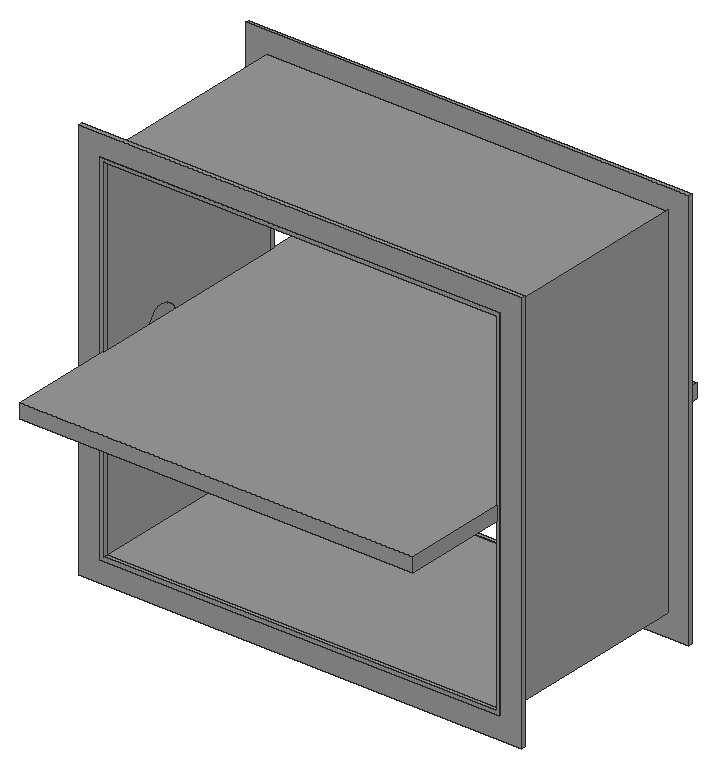
Revit family "Канальный прямоугольный SVK1-НЗ-ЕI90-MC-C-MSR220-0-Kb 24.02.26", category Арматура воздуховодов, Revit 2022
Family settings
  Размер круглого соединителя = Использовать диаметр
  Тип детали = Вставляется
  На основе рабочей плоскости = Нет
  Всегда вертикально = Нет
  При загрузке вырезать с полостями = Нет
  Общий = Да
Parameters (values of type "SVK1-НЗ-EI90-C-550x500-GO-H-MSR220-0-Kb")
  Ширина = 555 mm
  Число створок = 1
  Толщина заслонки = 20 mm  # constant formula
  Расчетная скорость = ADSK_Расход воздуха / Расчетная площадь  # 2.97297 m/s
  Расчетная площадь = Высота * Ширина  # 0.2775 m²
  Привод внутри/снаружи [instance] = yes
  Привод 1 = Красный типовой
  Плотность воздуха = 1.2000 kg/m³  # constant formula
  Отметка по умолчанию = 0 mm
  Ось движка = 102.5 mm  # constant formula
  Материал = Сталь AISI 5210 517, горячекатаная
  КМС = 0  # 0.000
  З/2 = Высота / 2 / Число створок  # 250 mm
  Длина = 300 mm
  Высота привода = 123 mm  # constant formula
  Высота = 500 mm
  Вылет заслонки [instance] = yes
  Вылет Х = 103 mm  # constant formula
  Hed = Ширина + 123 mm  # 678 mm
  ADSK_Ток = 0.030 A  # constant formula
  ADSK_Расход воздуха = 2970.0 m³/h
  ADSK_Примечание [instance] = ""
  ADSK_Предел огнестойкости = "90"  # constant formula
  ADSK_Потеря давления воздуха = КМС * ((Расчетная скорость * Расчетная скорость * Плотность воздуха) / 2)  # 0.0 Pa
  ADSK_Полная мощность = ADSK_Напряжение * ADSK_Ток  # 6.6 VA
  ADSK_Позиция на схеме [instance] = ""
  ADSK_Позиция [instance] = ""
  ADSK_Обозначение = ""
  ADSK_Номинальная мощность = 5 W  # constant formula
  ADSK_Номер стояка [instance] = ""
  ADSK_Напряжение = 220 V  # constant formula
  ADSK_Наименование краткое = ""
  ADSK_Наименование = ""
  ADSK_Материал обозначение = "Противопожарный нормально закрытый канальный клапан прямоугольного сечения"  # constant formula
  ADSK_Материал наименование = ""
  ADSK_Масса_Текст = "1"
  ADSK_Масса = 0
  ADSK_Марка = "SVK1-НЗ-ЕI90-C"  # constant formula
  ADSK_Коэффициент мощности = 1
  ADSK_Количество фаз числовое = 1  # constant formula
  ADSK_Количество фаз = 1  # constant formula
  ADSK_Количество = 1  # constant formula
  ADSK_Код изделия = "SVK1-НЗ-ЕI90-C"  # constant formula
  ADSK_Классификация нагрузок = none
  ADSK_Завод-изготовитель = "WAER"  # constant formula
  ADSK_Единица измерения = "шт."  # constant formula
  ADSK_URL страницы изделия = ""
  ADSK_URL документации изделия = ""
Types (208, lengths in mm): name | Ширина | Число створок | Расчетная скорость | Расчетная площадь | З/2 | Высота | Hed | ADSK_Расход воздуха
  SVK1-НЗ-EI90-C-100x100-GO-H-MSR220-0-Kb | 555 | 1 | 2.97297 m/s | 0.2775 m² | 250 | 500 | 678 | 2970.0 m³/h
  SVK1-НЗ-EI90-C-150x100-GO-H-MSR220-0-Kb | 150 | 1 | 3.0 m/s | 0.015 m² | 50 | 100 | 273 | 162.0 m³/h
  SVK1-НЗ-EI90-C-150x150-GO-H-MSR220-0-Kb | 150 | 1 | 3.0 m/s | 0.0225 m² | 75 | 150 | 273 | 243.0 m³/h
  SVK1-НЗ-EI90-C-200x100-GO-H-MSR220-0-Kb | 200 | 1 | 3.0 m/s | 0.020 m² | 50 | 100 | 323 | 216.0 m³/h
  SVK1-НЗ-EI90-C-200x150-GO-H-MSR220-0-Kb | 200 | 1 | 3.0 m/s | 0.030 m² | 75 | 150 | 323 | 324.0 m³/h
  SVK1-НЗ-EI90-C-200x200-GO-H-MSR220-0-Kb | 200 | 1 | 3.0 m/s | 0.040 m² | 100 | 200 | 323 | 432.0 m³/h
  SVK1-НЗ-EI90-C-250x100-GO-H-MSR220-0-Kb | 250 | 1 | 3.0 m/s | 0.025 m² | 50 | 100 | 373 | 270.0 m³/h
  SVK1-НЗ-EI90-C-250x150-GO-H-MSR220-0-Kb | 250 | 1 | 3.0 m/s | 0.0375 m² | 75 | 150 | 373 | 405.0 m³/h
  SVK1-НЗ-EI90-C-250x200-GO-H-MSR220-0-Kb | 250 | 1 | 3.0 m/s | 0.050 m² | 100 | 200 | 373 | 540.0 m³/h
  SVK1-НЗ-EI90-C-250x250-GO-H-MSR220-0-Kb | 250 | 1 | 3.0 m/s | 0.0625 m² | 125 | 250 | 373 | 675.0 m³/h
  SVK1-НЗ-EI90-C-300x100-GO-H-MSR220-0-Kb | 300 | 1 | 3.0 m/s | 0.030 m² | 50 | 100 | 423 | 324.0 m³/h
  SVK1-НЗ-EI90-C-300x150-GO-H-MSR220-0-Kb | 300 | 1 | 3.0 m/s | 0.045 m² | 75 | 150 | 423 | 486.0 m³/h
  SVK1-НЗ-EI90-C-300x200-GO-H-MSR220-0-Kb | 300 | 1 | 3.0 m/s | 0.060 m² | 100 | 200 | 423 | 648.0 m³/h
  SVK1-НЗ-EI90-C-300x250-GO-H-MSR220-0-Kb | 300 | 1 | 3.0 m/s | 0.075 m² | 125 | 250 | 423 | 810.0 m³/h
  SVK1-НЗ-EI90-C-300x300-GO-H-MSR220-0-Kb | 300 | 1 | 3.0 m/s | 0.090 m² | 150 | 300 | 423 | 972.0 m³/h
  SVK1-НЗ-EI90-C-350x150-GO-H-MSR220-0-Kb | 350 | 1 | 3.0 m/s | 0.0525 m² | 75 | 150 | 473 | 567.0 m³/h
  SVK1-НЗ-EI90-C-350x200-GO-H-MSR220-0-Kb | 350 | 1 | 3.0 m/s | 0.070 m² | 100 | 200 | 473 | 756.0 m³/h
  SVK1-НЗ-EI90-C-350x250-GO-H-MSR220-0-Kb | 350 | 1 | 3.0 m/s | 0.0875 m² | 125 | 250 | 473 | 945.0 m³/h
  SVK1-НЗ-EI90-C-350x300-GO-H-MSR220-0-Kb | 350 | 1 | 3.0 m/s | 0.105 m² | 150 | 300 | 473 | 1134.0 m³/h
  SVK1-НЗ-EI90-C-350x350-GO-H-MSR220-0-Kb | 350 | 1 | 3.0 m/s | 0.1225 m² | 175 | 350 | 473 | 1323.0 m³/h
  SVK1-НЗ-EI90-C-400x150-GO-H-MSR220-0-Kb | 400 | 1 | 3.0 m/s | 0.060 m² | 75 | 150 | 523 | 648.0 m³/h
  SVK1-НЗ-EI90-C-400x200-GO-H-MSR220-0-Kb | 400 | 1 | 3.0 m/s | 0.080 m² | 100 | 200 | 523 | 864.0 m³/h
  SVK1-НЗ-EI90-C-400x250-GO-H-MSR220-0-Kb | 400 | 1 | 3.0 m/s | 0.100 m² | 125 | 250 | 523 | 1080.0 m³/h
  SVK1-НЗ-EI90-C-400x300-GO-H-MSR220-0-Kb | 400 | 1 | 3.0 m/s | 0.120 m² | 150 | 300 | 523 | 1296.0 m³/h
  SVK1-НЗ-EI90-C-400x350-GO-H-MSR220-0-Kb | 400 | 1 | 3.0 m/s | 0.140 m² | 175 | 350 | 523 | 1512.0 m³/h
  SVK1-НЗ-EI90-C-400x400-GO-H-MSR220-0-Kb | 400 | 1 | 3.0 m/s | 0.160 m² | 200 | 400 | 523 | 1728.0 m³/h
  SVK1-НЗ-EI90-C-450x150-GO-H-MSR220-0-Kb | 450 | 1 | 3.0 m/s | 0.0675 m² | 75 | 150 | 573 | 729.0 m³/h
  SVK1-НЗ-EI90-C-450x200-GO-H-MSR220-0-Kb | 450 | 1 | 3.0 m/s | 0.090 m² | 100 | 200 | 573 | 972.0 m³/h
  SVK1-НЗ-EI90-C-450x250-GO-H-MSR220-0-Kb | 450 | 1 | 3.0 m/s | 0.1125 m² | 125 | 250 | 573 | 1215.0 m³/h
  SVK1-НЗ-EI90-C-450x300-GO-H-MSR220-0-Kb | 450 | 1 | 3.0 m/s | 0.135 m² | 150 | 300 | 573 | 1458.0 m³/h
  SVK1-НЗ-EI90-C-450x350-GO-H-MSR220-0-Kb | 450 | 1 | 3.0 m/s | 0.1575 m² | 175 | 350 | 573 | 1701.0 m³/h
  SVK1-НЗ-EI90-C-450x400-GO-H-MSR220-0-Kb | 450 | 1 | 3.0 m/s | 0.180 m² | 200 | 400 | 573 | 1944.0 m³/h
  SVK1-НЗ-EI90-C-450x450-GO-H-MSR220-0-Kb | 450 | 1 | 3.0 m/s | 0.2025 m² | 225 | 450 | 573 | 2187.0 m³/h
  SVK1-НЗ-EI90-C-500x150-GO-H-MSR220-0-Kb | 500 | 1 | 3.0 m/s | 0.075 m² | 75 | 150 | 623 | 810.0 m³/h
  SVK1-НЗ-EI90-C-500x200-GO-H-MSR220-0-Kb | 500 | 1 | 3.0 m/s | 0.100 m² | 100 | 200 | 623 | 1080.0 m³/h
  SVK1-НЗ-EI90-C-500x250-GO-H-MSR220-0-Kb | 500 | 1 | 3.0 m/s | 0.125 m² | 125 | 250 | 623 | 1350.0 m³/h
  SVK1-НЗ-EI90-C-500x300-GO-H-MSR220-0-Kb | 500 | 1 | 3.0 m/s | 0.150 m² | 150 | 300 | 623 | 1620.0 m³/h
  SVK1-НЗ-EI90-C-500x350-GO-H-MSR220-0-Kb | 500 | 1 | 3.0 m/s | 0.175 m² | 175 | 350 | 623 | 1890.0 m³/h
  SVK1-НЗ-EI90-C-500x400-GO-H-MSR220-0-Kb | 500 | 1 | 3.0 m/s | 0.200 m² | 200 | 400 | 623 | 2160.0 m³/h
  SVK1-НЗ-EI90-C-500x450-GO-H-MSR220-0-Kb | 500 | 1 | 3.0 m/s | 0.225 m² | 225 | 450 | 623 | 2430.0 m³/h
  SVK1-НЗ-EI90-C-500x500-GO-H-MSR220-0-Kb | 500 | 1 | 3.0 m/s | 0.250 m² | 250 | 500 | 623 | 2700.0 m³/h
  SVK1-НЗ-EI90-C-550x200-GO-H-MSR220-0-Kb | 550 | 1 | 3.0 m/s | 0.110 m² | 100 | 200 | 673 | 1188.0 m³/h
  SVK1-НЗ-EI90-C-550x250-GO-H-MSR220-0-Kb | 550 | 1 | 3.0 m/s | 0.1375 m² | 125 | 250 | 673 | 1485.0 m³/h
  SVK1-НЗ-EI90-C-550x300-GO-H-MSR220-0-Kb | 550 | 1 | 3.0 m/s | 0.165 m² | 150 | 300 | 673 | 1782.0 m³/h
  SVK1-НЗ-EI90-C-550x350-GO-H-MSR220-0-Kb | 550 | 1 | 3.0 m/s | 0.1925 m² | 175 | 350 | 673 | 2079.0 m³/h
  SVK1-НЗ-EI90-C-550x400-GO-H-MSR220-0-Kb | 550 | 1 | 3.0 m/s | 0.220 m² | 200 | 400 | 673 | 2376.0 m³/h
  SVK1-НЗ-EI90-C-550x450-GO-H-MSR220-0-Kb | 550 | 1 | 3.0 m/s | 0.2475 m² | 225 | 450 | 673 | 2673.0 m³/h
  SVK1-НЗ-EI90-C-550x500-GO-H-MSR220-0-Kb | 555 | 1 | 2.97297 m/s | 0.2775 m² | 250 | 500 | 678 | 2970.0 m³/h
  SVK1-НЗ-EI90-C-550x550-GO-H-MSR220-0-Kb | 550 | 1 | 3.0 m/s | 0.3025 m² | 275 | 550 | 673 | 3267.0 m³/h
  SVK1-НЗ-EI90-C-600x200-GO-H-MSR220-0-Kb | 600 | 1 | 3.0 m/s | 0.120 m² | 100 | 200 | 723 | 1296.0 m³/h
  SVK1-НЗ-EI90-C-600x250-GO-H-MSR220-0-Kb | 600 | 1 | 3.0 m/s | 0.150 m² | 125 | 250 | 723 | 1620.0 m³/h
  SVK1-НЗ-EI90-C-600x300-GO-H-MSR220-0-Kb | 600 | 1 | 3.0 m/s | 0.180 m² | 150 | 300 | 723 | 1944.0 m³/h
  SVK1-НЗ-EI90-C-600x350-GO-H-MSR220-0-Kb | 600 | 1 | 3.0 m/s | 0.210 m² | 175 | 350 | 723 | 2268.0 m³/h
  SVK1-НЗ-EI90-C-600x400-GO-H-MSR220-0-Kb | 600 | 1 | 3.0 m/s | 0.240 m² | 200 | 400 | 723 | 2592.0 m³/h
  SVK1-НЗ-EI90-C-600x450-GO-H-MSR220-0-Kb | 600 | 1 | 3.0 m/s | 0.270 m² | 225 | 450 | 723 | 2916.0 m³/h
  SVK1-НЗ-EI90-C-600x500-GO-H-MSR220-0-Kb | 600 | 1 | 3.0 m/s | 0.300 m² | 250 | 500 | 723 | 3240.0 m³/h
  SVK1-НЗ-EI90-C-600x550-GO-H-MSR220-0-Kb | 600 | 1 | 3.0 m/s | 0.330 m² | 275 | 550 | 723 | 3564.0 m³/h
  SVK1-НЗ-EI90-C-600x600-GO-H-MSR220-0-Kb | 600 | 1 | 3.0 m/s | 0.360 m² | 300 | 600 | 723 | 3888.0 m³/h
  SVK1-НЗ-EI90-C-650x250-GO-H-MSR220-0-Kb | 650 | 1 | 3.0 m/s | 0.1625 m² | 125 | 250 | 773 | 1755.0 m³/h
  SVK1-НЗ-EI90-C-650x300-GO-H-MSR220-0-Kb | 650 | 1 | 3.0 m/s | 0.195 m² | 150 | 300 | 773 | 2106.0 m³/h
  SVK1-НЗ-EI90-C-650x350-GO-H-MSR220-0-Kb | 650 | 1 | 3.0 m/s | 0.2275 m² | 175 | 350 | 773 | 2457.0 m³/h
  SVK1-НЗ-EI90-C-650x400-GO-H-MSR220-0-Kb | 650 | 1 | 3.0 m/s | 0.260 m² | 200 | 400 | 773 | 2808.0 m³/h
  SVK1-НЗ-EI90-C-650x450-GO-H-MSR220-0-Kb | 650 | 1 | 3.0 m/s | 0.2925 m² | 225 | 450 | 773 | 3159.0 m³/h
  SVK1-НЗ-EI90-C-650x500-GO-H-MSR220-0-Kb | 650 | 1 | 3.0 m/s | 0.325 m² | 250 | 500 | 773 | 3510.0 m³/h
  SVK1-НЗ-EI90-C-650x550-GO-H-MSR220-0-Kb | 650 | 1 | 3.0 m/s | 0.3575 m² | 275 | 550 | 773 | 3861.0 m³/h
  SVK1-НЗ-EI90-C-650x600-GO-H-MSR220-0-Kb | 650 | 1 | 3.0 m/s | 0.390 m² | 300 | 600 | 773 | 4212.0 m³/h
  SVK1-НЗ-EI90-C-650x650-GO-H-MSR220-0-Kb | 650 | 1 | 3.0 m/s | 0.4225 m² | 325 | 650 | 773 | 4563.0 m³/h
  SVK1-НЗ-EI90-C-700x250-GO-H-MSR220-0-Kb | 700 | 1 | 3.0 m/s | 0.175 m² | 125 | 250 | 823 | 1890.0 m³/h
  SVK1-НЗ-EI90-C-700x300-GO-H-MSR220-0-Kb | 700 | 1 | 3.0 m/s | 0.210 m² | 150 | 300 | 823 | 2268.0 m³/h
  SVK1-НЗ-EI90-C-700x350-GO-H-MSR220-0-Kb | 700 | 1 | 3.0 m/s | 0.245 m² | 175 | 350 | 823 | 2646.0 m³/h
  SVK1-НЗ-EI90-C-700x400-GO-H-MSR220-0-Kb | 700 | 1 | 3.0 m/s | 0.280 m² | 200 | 400 | 823 | 3024.0 m³/h
  SVK1-НЗ-EI90-C-700x450-GO-H-MSR220-0-Kb | 700 | 1 | 3.0 m/s | 0.315 m² | 225 | 450 | 823 | 3402.0 m³/h
  SVK1-НЗ-EI90-C-700x500-GO-H-MSR220-0-Kb | 700 | 1 | 3.0 m/s | 0.350 m² | 250 | 500 | 823 | 3780.0 m³/h
  SVK1-НЗ-EI90-C-700x550-GO-H-MSR220-0-Kb | 700 | 1 | 3.0 m/s | 0.385 m² | 275 | 550 | 823 | 4158.0 m³/h
  SVK1-НЗ-EI90-C-700x600-GO-H-MSR220-0-Kb | 700 | 1 | 3.0 m/s | 0.420 m² | 300 | 600 | 823 | 4536.0 m³/h
  SVK1-НЗ-EI90-C-700x650-GO-H-MSR220-0-Kb | 700 | 1 | 3.0 m/s | 0.455 m² | 325 | 650 | 823 | 4914.0 m³/h
  SVK1-НЗ-EI90-C-700x700-GO-H-MSR220-0-Kb | 700 | 1 | 3.0 m/s | 0.490 m² | 350 | 700 | 823 | 5292.0 m³/h
  SVK1-НЗ-EI90-C-750x250-GO-H-MSR220-0-Kb | 750 | 1 | 3.0 m/s | 0.1875 m² | 125 | 250 | 873 | 2025.0 m³/h
  SVK1-НЗ-EI90-C-750x300-GO-H-MSR220-0-Kb | 750 | 1 | 3.0 m/s | 0.225 m² | 150 | 300 | 873 | 2430.0 m³/h
  SVK1-НЗ-EI90-C-750x350-GO-H-MSR220-0-Kb | 750 | 1 | 3.0 m/s | 0.2625 m² | 175 | 350 | 873 | 2835.0 m³/h
  SVK1-НЗ-EI90-C-750x400-GO-H-MSR220-0-Kb | 750 | 1 | 3.0 m/s | 0.300 m² | 200 | 400 | 873 | 3240.0 m³/h
  SVK1-НЗ-EI90-C-750x450-GO-H-MSR220-0-Kb | 750 | 1 | 3.0 m/s | 0.3375 m² | 225 | 450 | 873 | 3645.0 m³/h
  SVK1-НЗ-EI90-C-750x500-GO-H-MSR220-0-Kb | 750 | 1 | 3.0 m/s | 0.375 m² | 250 | 500 | 873 | 4050.0 m³/h
  SVK1-НЗ-EI90-C-750x550-GO-H-MSR220-0-Kb | 750 | 1 | 3.0 m/s | 0.4125 m² | 275 | 550 | 873 | 4455.0 m³/h
  SVK1-НЗ-EI90-C-750x600-GO-H-MSR220-0-Kb | 750 | 1 | 3.0 m/s | 0.450 m² | 300 | 600 | 873 | 4860.0 m³/h
  SVK1-НЗ-EI90-C-750x650-GO-H-MSR220-0-Kb | 750 | 1 | 3.0 m/s | 0.4875 m² | 325 | 650 | 873 | 5265.0 m³/h
  SVK1-НЗ-EI90-C-750x700-GO-H-MSR220-0-Kb | 750 | 1 | 3.0 m/s | 0.525 m² | 350 | 700 | 873 | 5670.0 m³/h
  SVK1-НЗ-EI90-C-750x750-GO-H-MSR220-0-Kb | 750 | 1 | 3.0 m/s | 0.5625 m² | 375 | 750 | 873 | 6075.0 m³/h
  SVK1-НЗ-EI90-C-800x250-GO-H-MSR220-0-Kb | 800 | 1 | 3.0 m/s | 0.200 m² | 125 | 250 | 923 | 2160.0 m³/h
  SVK1-НЗ-EI90-C-800x300-GO-H-MSR220-0-Kb | 800 | 1 | 3.0 m/s | 0.240 m² | 150 | 300 | 923 | 2592.0 m³/h
  SVK1-НЗ-EI90-C-800x350-GO-H-MSR220-0-Kb | 800 | 1 | 3.0 m/s | 0.280 m² | 175 | 350 | 923 | 3024.0 m³/h
  SVK1-НЗ-EI90-C-800x400-GO-H-MSR220-0-Kb | 800 | 1 | 3.0 m/s | 0.320 m² | 200 | 400 | 923 | 3456.0 m³/h
  SVK1-НЗ-EI90-C-800x450-GO-H-MSR220-0-Kb | 800 | 1 | 3.0 m/s | 0.360 m² | 225 | 450 | 923 | 3888.0 m³/h
  SVK1-НЗ-EI90-C-800x500-GO-H-MSR220-0-Kb | 800 | 1 | 3.0 m/s | 0.400 m² | 250 | 500 | 923 | 4320.0 m³/h
  SVK1-НЗ-EI90-C-800x550-GO-H-MSR220-0-Kb | 800 | 1 | 3.0 m/s | 0.440 m² | 275 | 550 | 923 | 4752.0 m³/h
  SVK1-НЗ-EI90-C-800x600-GO-H-MSR220-0-Kb | 800 | 1 | 3.0 m/s | 0.480 m² | 300 | 600 | 923 | 5184.0 m³/h
  SVK1-НЗ-EI90-C-800x650-GO-H-MSR220-0-Kb | 800 | 1 | 3.0 m/s | 0.520 m² | 325 | 650 | 923 | 5616.0 m³/h
  SVK1-НЗ-EI90-C-800x700-GO-H-MSR220-0-Kb | 800 | 1 | 3.0 m/s | 0.560 m² | 350 | 700 | 923 | 6048.0 m³/h
  SVK1-НЗ-EI90-C-800x750-GO-H-MSR220-0-Kb | 800 | 1 | 3.0 m/s | 0.600 m² | 375 | 750 | 923 | 6480.0 m³/h
  SVK1-НЗ-EI90-C-800x800-GO-H-MSR220-0-Kb | 800 | 2 | 3.0 m/s | 0.640 m² | 200 | 800 | 923 | 6912.0 m³/h
  SVK1-НЗ-EI90-C-850x300-GO-H-MSR220-0-Kb | 850 | 1 | 3.0 m/s | 0.255 m² | 150 | 300 | 973 | 2754.0 m³/h
  SVK1-НЗ-EI90-C-850x350-GO-H-MSR220-0-Kb | 850 | 1 | 3.0 m/s | 0.2975 m² | 175 | 350 | 973 | 3213.0 m³/h
  SVK1-НЗ-EI90-C-850x400-GO-H-MSR220-0-Kb | 850 | 1 | 3.0 m/s | 0.340 m² | 200 | 400 | 973 | 3672.0 m³/h
  SVK1-НЗ-EI90-C-850x450-GO-H-MSR220-0-Kb | 850 | 1 | 3.0 m/s | 0.3825 m² | 225 | 450 | 973 | 4131.0 m³/h
  SVK1-НЗ-EI90-C-850x500-GO-H-MSR220-0-Kb | 850 | 1 | 3.0 m/s | 0.425 m² | 250 | 500 | 973 | 4590.0 m³/h
  SVK1-НЗ-EI90-C-850x550-GO-H-MSR220-0-Kb | 850 | 1 | 3.0 m/s | 0.4675 m² | 275 | 550 | 973 | 5049.0 m³/h
  SVK1-НЗ-EI90-C-850x600-GO-H-MSR220-0-Kb | 850 | 1 | 3.0 m/s | 0.510 m² | 300 | 600 | 973 | 5508.0 m³/h
  SVK1-НЗ-EI90-C-850x650-GO-H-MSR220-0-Kb | 850 | 1 | 3.0 m/s | 0.5525 m² | 325 | 650 | 973 | 5967.0 m³/h
  SVK1-НЗ-EI90-C-850x700-GO-H-MSR220-0-Kb | 850 | 1 | 3.0 m/s | 0.595 m² | 350 | 700 | 973 | 6426.0 m³/h
  SVK1-НЗ-EI90-C-850x750-GO-H-MSR220-0-Kb | 850 | 1 | 3.0 m/s | 0.6375 m² | 375 | 750 | 973 | 6885.0 m³/h
  SVK1-НЗ-EI90-C-800x850-GO-H-MSR220-0-Kb | 800 | 2 | 3.0 m/s | 0.680 m² | 212.5 | 850 | 923 | 7344.0 m³/h
  SVK1-НЗ-EI90-C-850x850-GO-H-MSR220-0-Kb | 850 | 2 | 3.0 m/s | 0.7225 m² | 212.5 | 850 | 973 | 7803.0 m³/h
  SVK1-НЗ-EI90-C-900x300-GO-H-MSR220-0-Kb | 900 | 1 | 3.0 m/s | 0.270 m² | 150 | 300 | 1023 | 2916.0 m³/h
  SVK1-НЗ-EI90-C-900x350-GO-H-MSR220-0-Kb | 900 | 1 | 3.0 m/s | 0.315 m² | 175 | 350 | 1023 | 3402.0 m³/h
  SVK1-НЗ-EI90-C-900x400-GO-H-MSR220-0-Kb | 900 | 1 | 3.0 m/s | 0.360 m² | 200 | 400 | 1023 | 3888.0 m³/h
  SVK1-НЗ-EI90-C-900x450-GO-H-MSR220-0-Kb | 900 | 1 | 3.0 m/s | 0.405 m² | 225 | 450 | 1023 | 4374.0 m³/h
  SVK1-НЗ-EI90-C-900x500-GO-H-MSR220-0-Kb | 900 | 1 | 3.0 m/s | 0.450 m² | 250 | 500 | 1023 | 4860.0 m³/h
  SVK1-НЗ-EI90-C-900x550-GO-H-MSR220-0-Kb | 900 | 1 | 3.0 m/s | 0.495 m² | 275 | 550 | 1023 | 5346.0 m³/h
  SVK1-НЗ-EI90-C-900x600-GO-H-MSR220-0-Kb | 900 | 1 | 3.0 m/s | 0.540 m² | 300 | 600 | 1023 | 5832.0 m³/h
  SVK1-НЗ-EI90-C-900x650-GO-H-MSR220-0-Kb | 900 | 1 | 3.0 m/s | 0.585 m² | 325 | 650 | 1023 | 6318.0 m³/h
  SVK1-НЗ-EI90-C-900x700-GO-H-MSR220-0-Kb | 900 | 1 | 3.0 m/s | 0.630 m² | 350 | 700 | 1023 | 6804.0 m³/h
  SVK1-НЗ-EI90-C-900x750-GO-H-MSR220-0-Kb | 900 | 1 | 3.0 m/s | 0.675 m² | 375 | 750 | 1023 | 7290.0 m³/h
  SVK1-НЗ-EI90-C-800x900-GO-H-MSR220-0-Kb | 800 | 2 | 3.0 m/s | 0.720 m² | 225 | 900 | 923 | 7776.0 m³/h
  SVK1-НЗ-EI90-C-850x900-GO-H-MSR220-0-Kb | 850 | 2 | 3.0 m/s | 0.765 m² | 225 | 900 | 973 | 8262.0 m³/h
  SVK1-НЗ-EI90-C-900x900-GO-H-MSR220-0-Kb | 900 | 2 | 3.0 m/s | 0.810 m² | 225 | 900 | 1023 | 8748.0 m³/h
  SVK1-НЗ-EI90-C-1000x350-GO-H-MSR220-0-Kb | 1000 | 1 | 3.0 m/s | 0.350 m² | 175 | 350 | 1123 | 3780.0 m³/h
  SVK1-НЗ-EI90-C-1000x400-GO-H-MSR220-0-Kb | 1000 | 1 | 3.0 m/s | 0.400 m² | 200 | 400 | 1123 | 4320.0 m³/h
  SVK1-НЗ-EI90-C-1000x450-GO-H-MSR220-0-Kb | 1000 | 1 | 3.0 m/s | 0.450 m² | 225 | 450 | 1123 | 4860.0 m³/h
  SVK1-НЗ-EI90-C-1000x500-GO-H-MSR220-0-Kb | 1000 | 1 | 3.0 m/s | 0.500 m² | 250 | 500 | 1123 | 5400.0 m³/h
  SVK1-НЗ-EI90-C-1000x550-GO-H-MSR220-0-Kb | 1000 | 1 | 3.0 m/s | 0.550 m² | 275 | 550 | 1123 | 5940.0 m³/h
  SVK1-НЗ-EI90-C-1000x600-GO-H-MSR220-0-Kb | 1000 | 1 | 3.0 m/s | 0.600 m² | 300 | 600 | 1123 | 6480.0 m³/h
  SVK1-НЗ-EI90-C-1000x650-GO-H-MSR220-0-Kb | 1000 | 1 | 3.0 m/s | 0.650 m² | 325 | 650 | 1123 | 7020.0 m³/h
  SVK1-НЗ-EI90-C-1000x700-GO-H-MSR220-0-Kb | 1000 | 1 | 3.0 m/s | 0.700 m² | 350 | 700 | 1123 | 7560.0 m³/h
  SVK1-НЗ-EI90-C-1000x750-GO-H-MSR220-0-Kb | 1000 | 1 | 3.0 m/s | 0.750 m² | 375 | 750 | 1123 | 8100.0 m³/h
  SVK1-НЗ-EI90-C-800x1000-GO-H-MSR220-0-Kb | 800 | 2 | 3.0 m/s | 0.800 m² | 250 | 1000 | 923 | 8640.0 m³/h
  SVK1-НЗ-EI90-C-850x1000-GO-H-MSR220-0-Kb | 850 | 2 | 3.0 m/s | 0.850 m² | 250 | 1000 | 973 | 9180.0 m³/h
  SVK1-НЗ-EI90-C-900x1000-GO-H-MSR220-0-Kb | 900 | 2 | 3.0 m/s | 0.900 m² | 250 | 1000 | 1023 | 9720.0 m³/h
  SVK1-НЗ-EI90-C-950x1000-GO-H-MSR220-0-Kb | 950 | 2 | 3.0 m/s | 0.950 m² | 250 | 1000 | 1073 | 10260.0 m³/h
  SVK1-НЗ-EI90-C-1000x1000-GO-H-MSR220-0-Kb | 1000 | 2 | 3.0 m/s | 1.000 m² | 250 | 1000 | 1123 | 10800.0 m³/h
  SVK1-НЗ-EI90-C-1100x350-GO-H-MSR220-0-Kb | 1100 | 1 | 3.0 m/s | 0.385 m² | 175 | 350 | 1223 | 4158.0 m³/h
  SVK1-НЗ-EI90-C-1100x400-GO-H-MSR220-0-Kb | 1100 | 1 | 3.0 m/s | 0.440 m² | 200 | 400 | 1223 | 4752.0 m³/h
  SVK1-НЗ-EI90-C-1100x450-GO-H-MSR220-0-Kb | 1100 | 1 | 3.0 m/s | 0.495 m² | 225 | 450 | 1223 | 5346.0 m³/h
  SVK1-НЗ-EI90-C-1100x500-GO-H-MSR220-0-Kb | 1100 | 1 | 3.0 m/s | 0.550 m² | 250 | 500 | 1223 | 5940.0 m³/h
  SVK1-НЗ-EI90-C-1100x550-GO-H-MSR220-0-Kb | 1100 | 1 | 3.0 m/s | 0.605 m² | 275 | 550 | 1223 | 6534.0 m³/h
  SVK1-НЗ-EI90-C-600x1100-GO-H-MSR220-0-Kb | 600 | 2 | 3.0 m/s | 0.660 m² | 275 | 1100 | 723 | 7128.0 m³/h
  SVK1-НЗ-EI90-C-650x1100-GO-H-MSR220-0-Kb | 650 | 2 | 3.0 m/s | 0.715 m² | 275 | 1100 | 773 | 7722.0 m³/h
  SVK1-НЗ-EI90-C-700x1100-GO-H-MSR220-0-Kb | 700 | 2 | 3.0 m/s | 0.770 m² | 275 | 1100 | 823 | 8316.0 m³/h
  SVK1-НЗ-EI90-C-750x1100-GO-H-MSR220-0-Kb | 750 | 2 | 3.0 m/s | 0.825 m² | 275 | 1100 | 873 | 8910.0 m³/h
  SVK1-НЗ-EI90-C-800x1100-GO-H-MSR220-0-Kb | 800 | 2 | 3.0 m/s | 0.880 m² | 275 | 1100 | 923 | 9504.0 m³/h
  SVK1-НЗ-EI90-C-850x1100-GO-H-MSR220-0-Kb | 850 | 2 | 3.0 m/s | 0.935 m² | 275 | 1100 | 973 | 10098.0 m³/h
  SVK1-НЗ-EI90-C-900x1100-GO-H-MSR220-0-Kb | 900 | 2 | 3.0 m/s | 0.990 m² | 275 | 1100 | 1023 | 10692.0 m³/h
  SVK1-НЗ-EI90-C-950x1100-GO-H-MSR220-0-Kb | 950 | 2 | 3.0 m/s | 1.045 m² | 275 | 1100 | 1073 | 11286.0 m³/h
  SVK1-НЗ-EI90-C-1000x1100-GO-H-MSR220-0-Kb | 1000 | 2 | 3.0 m/s | 1.100 m² | 275 | 1100 | 1123 | 11880.0 m³/h
  SVK1-НЗ-EI90-C-1200x350-GO-H-MSR220-0-Kb | 1200 | 1 | 3.0 m/s | 0.420 m² | 175 | 350 | 1323 | 4536.0 m³/h
  SVK1-НЗ-EI90-C-1200x400-GO-H-MSR220-0-Kb | 1200 | 1 | 3.0 m/s | 0.480 m² | 200 | 400 | 1323 | 5184.0 m³/h
  SVK1-НЗ-EI90-C-1200x450-GO-H-MSR220-0-Kb | 1200 | 1 | 3.0 m/s | 0.540 m² | 225 | 450 | 1323 | 5832.0 m³/h
  SVK1-НЗ-EI90-C-1200x500-GO-H-MSR220-0-Kb | 1200 | 1 | 3.0 m/s | 0.600 m² | 250 | 500 | 1323 | 6480.0 m³/h
  SVK1-НЗ-EI90-C-1200x550-GO-H-MSR220-0-Kb | 1200 | 1 | 3.0 m/s | 0.660 m² | 275 | 550 | 1323 | 7128.0 m³/h
  SVK1-НЗ-EI90-C-600x1200-GO-H-MSR220-0-Kb | 600 | 2 | 3.0 m/s | 0.720 m² | 300 | 1200 | 723 | 7776.0 m³/h
  SVK1-НЗ-EI90-C-650x1200-GO-H-MSR220-0-Kb | 650 | 2 | 3.0 m/s | 0.780 m² | 300 | 1200 | 773 | 8424.0 m³/h
  SVK1-НЗ-EI90-C-700x1200-GO-H-MSR220-0-Kb | 700 | 2 | 3.0 m/s | 0.840 m² | 300 | 1200 | 823 | 9072.0 m³/h
  SVK1-НЗ-EI90-C-750x1200-GO-H-MSR220-0-Kb | 750 | 2 | 3.0 m/s | 0.900 m² | 300 | 1200 | 873 | 9720.0 m³/h
  SVK1-НЗ-EI90-C-800x1200-GO-H-MSR220-0-Kb | 800 | 2 | 3.0 m/s | 0.960 m² | 300 | 1200 | 923 | 10368.0 m³/h
  SVK1-НЗ-EI90-C-850x1200-GO-H-MSR220-0-Kb | 850 | 2 | 3.0 m/s | 1.020 m² | 300 | 1200 | 973 | 11016.0 m³/h
  SVK1-НЗ-EI90-C-900x1200-GO-H-MSR220-0-Kb | 900 | 2 | 3.0 m/s | 1.080 m² | 300 | 1200 | 1023 | 11664.0 m³/h
  SVK1-НЗ-EI90-C-950x1200-GO-H-MSR220-0-Kb | 950 | 2 | 3.0 m/s | 1.140 m² | 300 | 1200 | 1073 | 12312.0 m³/h
  SVK1-НЗ-EI90-C-1000x1200-GO-H-MSR220-0-Kb | 1000 | 2 | 3.0 m/s | 1.200 m² | 300 | 1200 | 1123 | 12960.0 m³/h
  SVK1-НЗ-EI90-C-1300x350-GO-H-MSR220-0-Kb | 1300 | 1 | 3.0 m/s | 0.455 m² | 175 | 350 | 1423 | 4914.0 m³/h
  SVK1-НЗ-EI90-C-1300x400-GO-H-MSR220-0-Kb | 1300 | 1 | 3.0 m/s | 0.520 m² | 200 | 400 | 1423 | 5616.0 m³/h
  SVK1-НЗ-EI90-C-1300x450-GO-H-MSR220-0-Kb | 1300 | 1 | 3.0 m/s | 0.585 m² | 225 | 450 | 1423 | 6318.0 m³/h
  SVK1-НЗ-EI90-C-1300x500-GO-H-MSR220-0-Kb | 1300 | 1 | 3.0 m/s | 0.650 m² | 250 | 500 | 1423 | 7020.0 m³/h
  SVK1-НЗ-EI90-C-1300x550-GO-H-MSR220-0-Kb | 1300 | 1 | 3.0 m/s | 0.715 m² | 275 | 550 | 1423 | 7722.0 m³/h
  SVK1-НЗ-EI90-C-600x1300-GO-H-MSR220-0-Kb | 600 | 2 | 3.0 m/s | 0.780 m² | 325 | 1300 | 723 | 8424.0 m³/h
  SVK1-НЗ-EI90-C-650x1300-GO-H-MSR220-0-Kb | 650 | 2 | 3.0 m/s | 0.845 m² | 325 | 1300 | 773 | 9126.0 m³/h
  SVK1-НЗ-EI90-C-700x1300-GO-H-MSR220-0-Kb | 700 | 2 | 3.0 m/s | 0.910 m² | 325 | 1300 | 823 | 9828.0 m³/h
  SVK1-НЗ-EI90-C-750x1300-GO-H-MSR220-0-Kb | 750 | 2 | 3.0 m/s | 0.975 m² | 325 | 1300 | 873 | 10530.0 m³/h
  SVK1-НЗ-EI90-C-800x1300-GO-H-MSR220-0-Kb | 800 | 2 | 3.0 m/s | 1.040 m² | 325 | 1300 | 923 | 11232.0 m³/h
  SVK1-НЗ-EI90-C-850x1300-GO-H-MSR220-0-Kb | 850 | 2 | 3.0 m/s | 1.105 m² | 325 | 1300 | 973 | 11934.0 m³/h
  SVK1-НЗ-EI90-C-900x1300-GO-H-MSR220-0-Kb | 900 | 2 | 3.0 m/s | 1.170 m² | 325 | 1300 | 1023 | 12636.0 m³/h
  SVK1-НЗ-EI90-C-950x1300-GO-H-MSR220-0-Kb | 950 | 2 | 3.0 m/s | 1.235 m² | 325 | 1300 | 1073 | 13338.0 m³/h
  SVK1-НЗ-EI90-C-1000x1300-GO-H-MSR220-0-Kb | 1000 | 2 | 3.0 m/s | 1.300 m² | 325 | 1300 | 1123 | 14040.0 m³/h
  SVK1-НЗ-EI90-C-1400x400-GO-H-MSR220-0-Kb | 1400 | 1 | 3.0 m/s | 0.560 m² | 200 | 400 | 1523 | 6048.0 m³/h
  SVK1-НЗ-EI90-C-1400x450-GO-H-MSR220-0-Kb | 1400 | 1 | 3.0 m/s | 0.630 m² | 225 | 450 | 1523 | 6804.0 m³/h
  SVK1-НЗ-EI90-C-1400x500-GO-H-MSR220-0-Kb | 1400 | 1 | 3.0 m/s | 0.700 m² | 250 | 500 | 1523 | 7560.0 m³/h
  SVK1-НЗ-EI90-C-1400x550-GO-H-MSR220-0-Kb | 1400 | 1 | 3.0 m/s | 0.770 m² | 275 | 550 | 1523 | 8316.0 m³/h
  SVK1-НЗ-EI90-C-600x1400-GO-H-MSR220-0-Kb | 600 | 2 | 3.0 m/s | 0.840 m² | 350 | 1400 | 723 | 9072.0 m³/h
  SVK1-НЗ-EI90-C-650x1400-GO-H-MSR220-0-Kb | 650 | 2 | 3.0 m/s | 0.910 m² | 350 | 1400 | 773 | 9828.0 m³/h
  SVK1-НЗ-EI90-C-700x1400-GO-H-MSR220-0-Kb | 700 | 2 | 3.0 m/s | 0.980 m² | 350 | 1400 | 823 | 10584.0 m³/h
  SVK1-НЗ-EI90-C-750x1400-GO-H-MSR220-0-Kb | 750 | 2 | 3.0 m/s | 1.050 m² | 350 | 1400 | 873 | 11340.0 m³/h
  SVK1-НЗ-EI90-C-800x1400-GO-H-MSR220-0-Kb | 800 | 2 | 3.0 m/s | 1.120 m² | 350 | 1400 | 923 | 12096.0 m³/h
  SVK1-НЗ-EI90-C-850x1400-GO-H-MSR220-0-Kb | 850 | 2 | 3.0 m/s | 1.190 m² | 350 | 1400 | 973 | 12852.0 m³/h
  SVK1-НЗ-EI90-C-900x1400-GO-H-MSR220-0-Kb | 900 | 2 | 3.0 m/s | 1.260 m² | 350 | 1400 | 1023 | 13608.0 m³/h
  SVK1-НЗ-EI90-C-950x1400-GO-H-MSR220-0-Kb | 950 | 2 | 3.0 m/s | 1.330 m² | 350 | 1400 | 1073 | 14364.0 m³/h
  SVK1-НЗ-EI90-C-1000x1400-GO-H-MSR220-0-Kb | 1000 | 2 | 3.0 m/s | 1.400 m² | 350 | 1400 | 1123 | 15120.0 m³/h
  SVK1-НЗ-EI90-C-1500x450-GO-H-MSR220-0-Kb | 1500 | 1 | 3.0 m/s | 0.675 m² | 225 | 450 | 1623 | 7290.0 m³/h
  SVK1-НЗ-EI90-C-1500x500-GO-H-MSR220-0-Kb | 1500 | 1 | 3.0 m/s | 0.750 m² | 250 | 500 | 1623 | 8100.0 m³/h
  SVK1-НЗ-EI90-C-1500x550-GO-H-MSR220-0-Kb | 1500 | 1 | 3.0 m/s | 0.825 m² | 275 | 550 | 1623 | 8910.0 m³/h
  SVK1-НЗ-EI90-C-600x1500-GO-H-MSR220-0-Kb | 600 | 2 | 3.0 m/s | 0.900 m² | 375 | 1500 | 723 | 9720.0 m³/h
  SVK1-НЗ-EI90-C-650x1500-GO-H-MSR220-0-Kb | 650 | 2 | 3.0 m/s | 0.975 m² | 375 | 1500 | 773 | 10530.0 m³/h
  SVK1-НЗ-EI90-C-700x1500-GO-H-MSR220-0-Kb | 700 | 2 | 3.0 m/s | 1.050 m² | 375 | 1500 | 823 | 11340.0 m³/h
  SVK1-НЗ-EI90-C-750x1500-GO-H-MSR220-0-Kb | 750 | 2 | 3.0 m/s | 1.125 m² | 375 | 1500 | 873 | 12150.0 m³/h
  SVK1-НЗ-EI90-C-800x1500-GO-H-MSR220-0-Kb | 800 | 2 | 3.0 m/s | 1.200 m² | 375 | 1500 | 923 | 12960.0 m³/h
  SVK1-НЗ-EI90-C-850x1500-GO-H-MSR220-0-Kb | 850 | 2 | 3.0 m/s | 1.275 m² | 375 | 1500 | 973 | 13770.0 m³/h
  SVK1-НЗ-EI90-C-900x1500-GO-H-MSR220-0-Kb | 900 | 2 | 3.0 m/s | 1.350 m² | 375 | 1500 | 1023 | 14580.0 m³/h
  SVK1-НЗ-EI90-C-950x1500-GO-H-MSR220-0-Kb | 950 | 2 | 3.0 m/s | 1.425 m² | 375 | 1500 | 1073 | 15390.0 m³/h
  SVK1-НЗ-EI90-C-1000x1500-GO-H-MSR220-0-Kb | 1000 | 2 | 3.0 m/s | 1.500 m² | 375 | 1500 | 1123 | 16200.0 m³/h
  SVK1-НЗ-EI90-C-1250x650-GO-H-MSR220-0-Kb | 1250 | 1 | 2.43692 m/s | 0.8125 m² | 325 | 650 | 1373 | 7128.0 m³/h
  SVK1-НЗ-EI90-C-1050x600-GO-H-MSR220-0-Kb | 1050 | 1 | 2.85714 m/s | 0.630 m² | 300 | 600 | 1173 | 6480.0 m³/h
Reference planes
  plane 1 "По центру (Вперед/Назад)": y = 0
  plane 2: z = 0
  plane 3 "По центру (Влево/Вправо)": x = 0
  plane 4: x = -277.5
  plane 5: y = -150
  plane 6: x = 277.5
  plane 7: y = 150
  plane 8: z = 250
  plane 9: z = -250
  plane 10: x = -312.5
  plane 11: x = 312.5
  plane 12: z = 285
  plane 13: z = -285
  plane 14: y = 145
  plane 15: y = -145
  plane 16: x = -282.5
  plane 17: z = -255
  plane 18: x = 282.5
  plane 19: z = 255
  plane 20 "Заслонка Х": y = -297.5
  plane 21: y = -47.5
  plane 22 "Заслонка Х1": y = 202.5
  plane 23: x = -365.5
  plane 24: x = -316.5
  plane 25: z = 10
  plane 26: z = -10
Forms (mm)
  Extrusion 1, solid, material "Сталь AISI 5210 517, горячекатаная" <- "Материал", detail levels medium+fine
    sketch origin (0, 0, 0) x (1, 0, 0) y (0, 0, 1)
      loop
        line (-277.5, 250) -> (-277.5, -250) -> (277.5, -250) -> (277.5, 250) -> (-277.5, 250)
      loop
        line (-282.5, 255) -> (-282.5, -255) -> (282.5, -255) -> (282.5, 255) -> (-282.5, 255)
    from -150 to 150
  Extrusion 2, solid, material "Сталь AISI 5210 517, горячекатаная" <- "Материал", detail levels fine
    sketch origin (0, 0, 0) x (1, 0, 0) y (0, 0, 1)
      loop
        line (-312.5, 285) -> (-312.5, -285) -> (312.5, -285) -> (312.5, 285) -> (-312.5, 285)
      loop
        line (-277.5, 250) -> (-277.5, -250) -> (277.5, -250) -> (277.5, 250) -> (-277.5, 250)
    from 145 to 150
  Extrusion 3, solid, material "Сталь AISI 5210 517, горячекатаная" <- "Материал", detail levels fine
    sketch origin (0, 0, 0) x (1, 0, 0) y (0, 0, 1)
      loop
        line (-312.5, 285) -> (-312.5, -285) -> (312.5, -285) -> (312.5, 285) -> (-312.5, 285)
      loop
        line (-277.5, 250) -> (-277.5, -250) -> (277.5, -250) -> (277.5, 250) -> (-277.5, 250)
    from -150 to -145
  Extrusion 4, solid, material "Сталь AISI 5210 517, горячекатаная" <- "Материал", visible <- "Вылет заслонки", detail levels medium+fine
    sketch origin (0, 0, 0) x (1, 0, 0) y (0, 0, 1)
      loop
        line (-277.5, 10) -> (-277.5, -10) -> (277.5, -10) -> (277.5, 10) -> (-277.5, 10)
    from -202.5 to 297.5
  Extrusion 5, solid, material "Сталь AISI 5210 517, горячекатаная" <- "Материал", visible <- "Привод внутри/снаружи", detail levels medium+fine
    sketch origin (0, 0, 0) x (0, 1, 0) y (0, 0, 1)
      loop
        circle (-47.5, 0) r 25
    from -277.5 to -316.5
Dimensions and locks
  equal spacing: plane 4, plane 3 "По центру (Влево/Вправо)", plane 6
  equal spacing: plane 7, plane 1 "По центру (Вперед/Назад)", plane 5
  "Длина": plane 7 to plane 5
  equal spacing: plane 8, level, plane 9
  "Высота": plane 8 to plane 9
  "Ширина": plane 6 to plane 4
  equal spacing: plane 11, plane 3 "По центру (Влево/Вправо)", plane 10
  plane 11 to plane 6 = 35 mm
  equal spacing: plane 12, level, plane 13
  plane 12 to plane 8 = 35 mm
  equal spacing: plane 14, plane 1 "По центру (Вперед/Назад)", plane 15
  plane 15 to plane 5 = 5 mm
  plane 19 to plane 8 = 5 mm
  plane 9 to plane 17 = 5 mm
  plane 4 to plane 16 = 5 mm
  plane 18 to plane 6 = 5 mm
  "Ось движка": plane 21 to plane 5
  equal spacing: plane 22 "Заслонка Х1", plane 21, plane 20 "Заслонка Х"
  "З/2": plane 21 to plane 20 "Заслонка Х"
  "Hed": plane 11 to plane 23
  plane 24 to plane 23 = 49 mm
  equal spacing: plane 25, level, plane 26
  "Толщина заслонки": plane 25 to plane 26
  locked: plane 24 to nested 2
  plane 22 "Заслонка Х1" to plane 7 = 52.5 mm
  plane 5 to plane 20 "Заслонка Х" = 147.5 mm
  aligned and locked: level to plane 2
  aligned and locked: Extrusion 1 sketch curve to plane 8
  aligned and locked: plane 4 to Extrusion 1 sketch curve
  aligned and locked: plane 9 to Extrusion 1 sketch curve
  aligned and locked: Extrusion 1 sketch curve to plane 6
  aligned and locked: plane 7 to Extrusion 1
  aligned and locked: Extrusion 1 to plane 5
  aligned and locked: Extrusion 2 sketch curve to plane 12
  aligned and locked: plane 10 to Extrusion 2 sketch curve
  aligned and locked: plane 13 to Extrusion 2 sketch curve
  aligned and locked: Extrusion 2 sketch curve to plane 11
  aligned and locked: Extrusion 2 to plane 5
  aligned and locked: plane 15 to Extrusion 2
  aligned and locked: Extrusion 3 sketch curve to plane 11
  aligned and locked: plane 13 to Extrusion 3 sketch curve
  aligned and locked: plane 10 to Extrusion 3 sketch curve
  aligned and locked: Extrusion 3 sketch curve to plane 12
  aligned and locked: plane 7 to Extrusion 3
  aligned and locked: Extrusion 3 to plane 14
  aligned and locked: plane 4 to Extrusion 2 sketch curve
  aligned and locked: Extrusion 2 sketch curve to plane 8
  aligned and locked: Extrusion 2 sketch curve to plane 6
  aligned and locked: plane 9 to Extrusion 2 sketch curve
  aligned and locked: plane 19 to Extrusion 1 sketch curve
  aligned and locked: plane 17 to Extrusion 1 sketch curve
  aligned and locked: plane 16 to Extrusion 1 sketch curve
  aligned and locked: Extrusion 1 sketch curve to plane 18
  aligned and locked: Extrusion 3 sketch curve to plane 8
  aligned and locked: plane 4 to Extrusion 3 sketch curve
  aligned and locked: plane 9 to Extrusion 3 sketch curve
  aligned and locked: Extrusion 3 sketch curve to plane 6
  aligned and locked: plane 3 "По центру (Влево/Вправо)" to nested 1
  aligned and locked: plane 1 "По центру (Вперед/Назад)" to nested 1
  aligned and locked: Extrusion 4 to plane 20 "Заслонка Х"
  aligned and locked: plane 22 "Заслонка Х1" to Extrusion 4
  aligned and locked: plane 4 to Extrusion 4 sketch curve
  aligned and locked: Extrusion 4 sketch curve to plane 6
  aligned and locked: Extrusion 4 sketch curve to plane 25
  aligned and locked: plane 26 to Extrusion 4 sketch curve
  aligned and locked: plane 21 to Extrusion 5 sketch curve
  aligned and locked: level to Extrusion 5 sketch curve
  aligned and locked: Extrusion 5 to plane 24
  aligned and locked: plane 4 to Extrusion 5
  aligned and locked: plane 21 to nested 2
Automatic sketch dimensions
  radius of Extrusion 5 sketch curve = 25 mm
Nested families
  nested 1: "УГО Дымовой и противопожарный клапан" at (0, 0, 0), type "УГО Дымовой и противопожарный клапан", detail levels coarse
  nested 2: "Электропривод_верт_90" at (-376.5, -47.5, 0) x (0, 1, 0) z (0, 0, 1), visible <- "Привод внутри/снаружи", type "BFL230", detail levels medium+fine
    with ADSK_Примечание "", ADSK_Позиция ""
Connectors
  hvac at (0, -150, 0), driven by "Высота", driven by "Ширина", driven by "ADSK_Расход воздуха", driven by "ADSK_Потеря давления воздуха"
    settings: on Extrusion 1, index 1, duct flow 2970.0 m³/h, flow factor 0, pres drop 0.0 Pa, loss coef 0, conn angle 0.00°, conn width 555 mm, conn height 500 mm, conn diameter 609.6 mm, duct sys type 29, conn prof type 1, flow config 0, flow direction 0, loss method 4, conn ref index 2, conn util no, is conn primary yes, conn desc ""
  hvac at (0, 150, 0), driven by "Высота", driven by "Ширина", driven by "ADSK_Расход воздуха", driven by "ADSK_Потеря давления воздуха"
    settings: on Extrusion 1, index 2, duct flow 2970.0 m³/h, flow factor 0, pres drop 0.0 Pa, loss coef 0, conn angle 0.00°, conn width 555 mm, conn height 500 mm, conn diameter 609.6 mm, duct sys type 29, conn prof type 1, flow config 0, flow direction 0, loss method 4, conn ref index 1, conn util no, is conn primary no, conn desc ""
  electrical at (-346.5, 115.058, -24.076)
    settings: on nested 2, index 3, voltage 0 V, apparent load 0 VA, apparent load phase1 0 VA, apparent load phase2 0 VA, apparent load phase3 0 VA, power factor 1, load classification "Прочее", number of poles 1, system type 13, power factor state 1, is connector primary yes, connector utility no, sub classification motor no, connector description ""
Definition of nested family "Электропривод_верт_90"
  Parameters (values of type "BFL230")
    Ширина центра = 50 mm
    Соединение = "1 м, 2 × 0,75 мм2"
    Default Elevation = 0 mm
    Description = "с пружинным возвратом/конденсатором"  # constant formula
    Межосевое подключение = 48 mm
    Корпус_x = none
    Клеммы = none
    Звездочка = Высота + 1 mm  # 49 mm
    Длина корпуса = 160 mm
    ГШ = 80 mm
    Высота = 48 mm
    Выс подкл = Высота - 18 mm  # 30 mm
    ADSK_Ток = 4.000 A
    ADSK_Примечание [instance] = ""
    ADSK_Предел огнестойкости = ""
    ADSK_Полная мощность = 6.5 VA
    ADSK_Позиция [instance] = ""
    ADSK_Обозначение = ""
    ADSK_Номинальная мощность = 3 W
    ADSK_Напряжение = 230 V
    ADSK_Наименование краткое = ""
    ADSK_Наименование = ""
    ADSK_Материал обозначение = ""
    ADSK_Материал наименование = ""
    ADSK_Масса_Текст = "1,1 кг"
    ADSK_Масса = 1.1  # constant formula
    ADSK_Марка = "BFL24"  # constant formula
    ADSK_Коэффициент мощности = 1
    ADSK_Количество фаз числовое = 1
    ADSK_Количество фаз = 1
    ADSK_Количество = 1  # constant formula
    ADSK_Код изделия = "BFL24"  # constant formula
    ADSK_Классификация нагрузок = none
    ADSK_Завод-изготовитель = "BELIMO"  # constant formula
    ADSK_Единица измерения = "шт."  # constant formula
    ADSK_URL страницы изделия = ""
    ADSK_URL документации изделия = ""
  Types (2, lengths in mm): name | ADSK_Ток | ADSK_Полная мощность | ADSK_Номинальная мощность | ADSK_Напряжение
    BFL230 | 4.000 A | 6.5 VA | 3 W | 230 V
    BFL24 | 8.300 A | 4 VA | 2.5 W | 24 V
  Reference planes
    plane 1 "По центру (Вперед/Назад)": y = 0
    plane 2: z = 0
    plane 3 "По центру (Влево/Вправо)": x = 0
    plane 4: x = -22.439
    plane 5: x = 137.561
    plane 6: z = -40.076
    plane 7: z = 39.924
    plane 8: z = -25.076
    plane 9: z = 24.924
    plane 10: x = 112.561
    plane 11: z = -40.076
    plane 12: z = 39.924
    plane 13: x = 142.561
    plane 14: y = -48
    plane 15: x = -24
    plane 16: x = 24
    plane 17: x = 212.561
    plane 18: x = 157.561
    plane 19: x = 177.561
    plane 20: x = 212.561
    plane 21: x = 157.561
    plane 22: x = 177.561
    plane 23: y = -30
  Forms (mm)
    Extrusion 1, solid, material <- "Корпус_x", detail levels medium+fine
      sketch origin (-0.439, -60, -0.076) x (0, 0, 1) y (1, 0, 0)
        loop
          line (-25, -22) -> (25, -22) -> (40, -13.34) -> (40, 113) -> (10, 113) -> (10, 138) -> (-10, 138) -> (-10, 113) -> (-40, 113) -> (-40, -13.34) -> (-25, -22)
      from 0 to 48 <- "Высота"
    Extrusion 2, solid, material <- "Клеммы", detail levels medium+fine
      sketch origin (-0.439, -60, -0.076) x (0, 0, 1) y (1, 0, 0)
        loop
          line (-40, 143) -> (-40, 113) -> (-10, 113) -> (-10, 143) -> (-40, 143)
        loop
          line (10, 143) -> (10, 113) -> (40, 113) -> (40, 143) -> (10, 143)
      from 12 to 48
    Extrusion 3, solid, material <- "Клеммы", detail levels fine
      sketch origin (-0.439, -60, -0.076) x (0, 0, 1) y (1, 0, 0)
        loop
          circle (0, 0) r 20
        loop
          circle (0, 0) r 15
        loop
          line (10.43, -6.022) -> (10.43, 6.022) -> (0, 12.043) -> (-10.43, 6.022) -> (-10.43, -6.022) -> (0, -12.043) -> (10.43, -6.022)
      from 48 <- "Высота" to 49 <- "Звездочка"
    Revolve 4, solid, material <- "Клеммы", detail levels fine
      sketch origin (-1524.439, -30, -101.97) x (0, 0, -1) y (-1, 0, 0)
        loop
          line (-77.895, -1667) -> (-77.895, -1737) -> (-74.82, -1737) -> (-74.82, -1702) -> (-72.813, -1699.633) -> (-72.813, -1697.089) -> (-74.82, -1697.089) -> (-74.82, -1694.582) -> (-72.813, -1694.582) -> (-72.813, -1692.082) -> (-74.82, -1692.082) -> (-74.82, -1689.54) -> (-72.813, -1689.54) -> (-72.813, -1686.997) -> (-74.82, -1686.997) -> (-74.82, -1684.455) -> (-72.813, -1684.455) -> (-72.813, -1682) -> (-70.754, -1669.002)
          arc (-70.754, -1669.002) -> (-69.64, -1667.55) -> (-67.895, -1667) r 3.043
          line (-67.895, -1667) -> (-77.895, -1667)
        axis (-77.895, -1737) -> (-77.895, -1667)
      angle from 0 to 360
    Revolve 5, solid, material <- "Клеммы", detail levels fine
      sketch origin (-1524.439, -30, -101.97) x (0, 0, -1) y (-1, 0, 0)
        loop
          line (-125.895, -1667) -> (-125.895, -1737) -> (-122.82, -1737) -> (-122.82, -1702) -> (-120.813, -1699.633) -> (-120.813, -1697.089) -> (-122.82, -1697.089) -> (-122.82, -1694.582) -> (-120.813, -1694.582) -> (-120.813, -1692.082) -> (-122.82, -1692.082) -> (-122.82, -1689.54) -> (-120.813, -1689.54) -> (-120.813, -1686.997) -> (-122.82, -1686.997) -> (-122.82, -1684.455) -> (-120.813, -1684.455) -> (-120.813, -1682) -> (-118.754, -1669.002)
          arc (-118.754, -1669.002) -> (-117.64, -1667.55) -> (-115.895, -1667) r 3.043
          line (-115.895, -1667) -> (-125.895, -1667)
        axis (-125.895, -1737) -> (-125.895, -1667)
      angle from 0 to 360
  Dimensions and locks
    "Длина корпуса": plane 5 to plane 4
    plane 6 to plane 7 = 80 mm
    "ГШ": plane 6 to plane 7
    plane 8 to plane 9 = 50 mm
    "Ширина центра": plane 8 to plane 9
    plane 5 to plane 10 = 25 mm
    plane 13 to Extrusion 1 = 30 mm
    plane 11 to plane 12 = 80 mm
    "ГШ": plane 11 to plane 12
    Extrusion 1 to plane 14 = 36 mm
    equal spacing: plane 15, plane 3 "По центру (Влево/Вправо)", plane 16
    "Межосевое подключение": plane 15 to plane 16
    plane 17 to Extrusion 2 = 70 mm
    Extrusion 1 to plane 18 = 180 mm
    plane 17 to plane 19 = 35 mm
    plane 20 to plane 22 = 35 mm
    "Выс подкл": plane 1 "По центру (Вперед/Назад)" to plane 23
    angle plane 4 to Extrusion 1 sketch curve = 30.00°
    angle Extrusion 1 sketch curve to plane 4 = 30.00°
    aligned and locked: level to plane 2
    aligned and locked: Extrusion 1 sketch curve to plane 4
    aligned and locked: plane 7 to Extrusion 1 sketch curve  (x2)
    aligned and locked: plane 6 to Extrusion 1 sketch curve  (x2)
    aligned and locked: Extrusion 1 sketch curve to plane 10
    aligned and locked: plane 10 to Extrusion 1 sketch curve  (x3)
    aligned and locked: plane 5 to Extrusion 1 sketch curve  (x2)
    aligned and locked: Extrusion 2 sketch curve to plane 13  (x2)
    aligned and locked: plane 11 to Extrusion 2 sketch curve
    aligned and locked: Extrusion 2 sketch curve to Extrusion 1  (x2)
    aligned and locked: Extrusion 2 sketch curve to plane 12
    aligned and locked: Extrusion 2 to plane 14
    aligned and locked: Extrusion 1 to Extrusion 2
    aligned and locked: Extrusion 2 to Revolve 4 sketch curve
    aligned and locked: Revolve 4 sketch curve to plane 17
    aligned and locked: plane 19 to Revolve 4 sketch curve
    aligned and locked: plane 18 to Revolve 4 sketch curve
    aligned and locked: Revolve 5 sketch curve to plane 20
    aligned and locked: plane 22 to Revolve 5 sketch curve
    aligned and locked: plane 21 to Revolve 5 sketch curve
  Automatic sketch dimensions
    Extrusion 3 sketch curve to Extrusion 3 sketch curve = 0 mm  (x2)
    Extrusion 3 sketch curve to level = 10.505 mm
    Extrusion 3 sketch curve to level = 0.076 mm  (x3)
    level to Extrusion 3 sketch curve = 10.354 mm
    plane 15 to Extrusion 3 sketch curve = 11.518 mm
    Extrusion 3 sketch curve to Extrusion 3 sketch curve = 6.022 mm  (x5)
    Extrusion 3 sketch curve to Extrusion 3 sketch curve = 12.043 mm
    Revolve 4 sketch curve to level = 24.076 mm  (x2)
    Revolve 4 sketch curve to Revolve 4 sketch curve = 3.075 mm
    plane 18 to Revolve 4 sketch curve = 2.455 mm
    Revolve 4 sketch curve to Revolve 4 sketch curve = 0 mm  (x3)
    plane 15 to Revolve 4 sketch curve = 189.101 mm
    Revolve 4 sketch curve to Revolve 4 sketch curve = 2.007 mm  (x4)
    Revolve 4 sketch curve to plane 18 = 12.998 mm
    Revolve 4 sketch curve to Revolve 4 sketch curve = 7.141 mm
    Revolve 4 sketch curve to Revolve 4 sketch curve = 2.859 mm
    Revolve 4 sketch curve to plane 19 = 2.367 mm
    Revolve 4 sketch curve to Revolve 4 sketch curve = 2.544 mm
    Revolve 4 sketch curve to Revolve 4 sketch curve = 2.507 mm
    Revolve 4 sketch curve to Revolve 4 sketch curve = 2.5 mm
    plane 15 to Revolve 4 sketch curve = 186.558 mm
    plane 16 to Revolve 4 sketch curve = 198.683 mm
    Revolve 4 sketch curve to Revolve 4 sketch curve = 41.798 mm
    Revolve 5 sketch curve to plane 21 = 15 mm
    level to Revolve 5 sketch curve = 23.924 mm  (x2)
    Revolve 5 sketch curve to Revolve 5 sketch curve = 3.075 mm
    plane 21 to Revolve 5 sketch curve = 2.455 mm
    Revolve 5 sketch curve to Revolve 5 sketch curve = 0 mm  (x3)
    plane 15 to Revolve 5 sketch curve = 189.101 mm
    Revolve 5 sketch curve to Revolve 5 sketch curve = 2.007 mm  (x4)
    Revolve 5 sketch curve to Revolve 5 sketch curve = 7.141 mm
    Revolve 5 sketch curve to Revolve 5 sketch curve = 2.859 mm
    Revolve 5 sketch curve to plane 22 = 2.367 mm
    Revolve 5 sketch curve to Revolve 5 sketch curve = 2.544 mm
    Revolve 5 sketch curve to Revolve 5 sketch curve = 2.507 mm
    Revolve 5 sketch curve to Revolve 5 sketch curve = 2.5 mm
    plane 15 to Revolve 5 sketch curve = 186.558 mm
    Revolve 5 sketch curve to Revolve 5 sketch curve = 3.043 mm
    plane 16 to Revolve 5 sketch curve = 198.683 mm
    Revolve 5 sketch curve to Revolve 5 sketch curve = 41.798 mm
    Extrusion 1 sketch curve to plane 8 = 0 mm
    Extrusion 1 sketch curve to plane 9 = 0 mm
    Extrusion 1 sketch curve to level = 10.076 mm
    level to Extrusion 1 sketch curve = 9.924 mm
    Extrusion 2 sketch curve to level = 10.076 mm
    level to Extrusion 2 sketch curve = 9.924 mm
    radius of Extrusion 3 sketch curve = 20 mm
    radius of Extrusion 3 sketch curve = 15 mm
Definition of nested family "УГО Дымовой и противопожарный клапан"
  Parameters (values of type "УГО Дымовой и противопожарный клапан")
    Ширина = 1100 mm
    Угол = atan(Высота / Ширина)  # 8.53077°
    Рад = Д / 2  # 20.625 mm
    Отступ2 = Рад / cos(Угол)  # 20.856 mm
    Отступ1 = Рад / sin(Угол)  # 139.038 mm
    Default Elevation = 0 mm
    Д = Высота * 0.25  # 41.25 mm
    Высота = 165 mm
  Reference planes
    plane 1 "По центру (Вперед/Назад)": y = 0
    plane 2: z = 0
    plane 3 "По центру (Влево/Вправо)": x = 0
    plane 4: x = -550
    plane 5: y = -82.5
    plane 6: x = 550
    plane 7: y = 82.5
    plane 8: x = 410.962
    plane 9: x = -410.962
    plane 10: y = 61.644
    plane 11: y = -61.644
  Lines and regions (mm)
    model lines
      curve 1: line (-550, 82.5, 0) -> (550, 82.5, 0)
      curve 2: line (-550, -82.5, 0) -> (-550, 82.5, 0)
      curve 3: line (550, -82.5, 0) -> (-550, -82.5, 0)
      curve 4: line (550, 82.5, 0) -> (550, -82.5, 0)
      curve 5: circle (0, 0, 0) r 20.625 normal (0, 0, 1)
      curve 6: line (-550, 82.5, 0) -> (550, -82.5, 0)
      curve 7: line (410.962, -82.5, 0) -> (-550, 61.644, 0)
      curve 8: line (550, -61.644, 0) -> (-410.962, 82.5, 0)
  Dimensions and locks
    equal spacing: plane 7, plane 1 "По центру (Вперед/Назад)", plane 5
    equal spacing: plane 4, plane 3 "По центру (Влево/Вправо)", plane 6
    "Ширина": plane 4 to plane 6
    "Высота": plane 7 to plane 5
    "Отступ1": plane 8 to plane 6
    "Отступ2": plane 7 to plane 10
    "Отступ2": plane 11 to plane 5
    "Отступ1": plane 4 to plane 9
    "Д": diameter of curve 5
    aligned and locked: level to plane 2
    aligned and locked: curve 1 to plane 7
    aligned and locked: plane 4 to curve 2
    aligned and locked: plane 5 to curve 3
    aligned and locked: curve 4 to plane 6
    aligned and locked: plane 3 "По центру (Влево/Вправо)" to curve 5
    aligned and locked: plane 1 "По центру (Вперед/Назад)" to curve 5
  Automatic sketch dimensions
    curve 8 to plane 9 = 0 mm
    curve 7 to plane 8 = 0 mm
    curve 8 to plane 11 = 0 mm
    curve 7 to plane 10 = 0 mm
